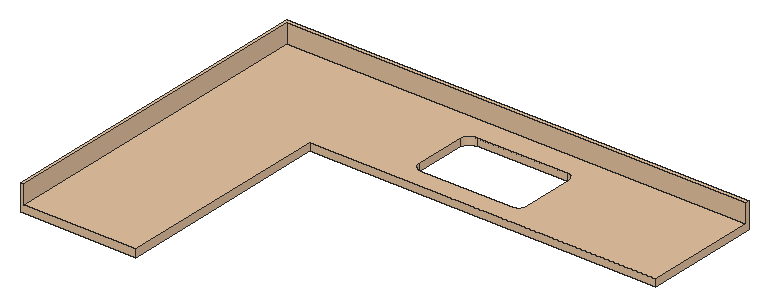
Revit family "M_Topo da bancada-Forma L com buraco de escoamento", category Componentes de gabinete, Revit 2019
Family settings
  Número OmniClass = 23.40.35.17.47.11
  Título OmniClass = Kitchen Casework
  ID de item do Seek = Counter Top-L Shaped w Sink Hole-0000-CAN-ENU
  Com base no plano de trabalho = Não
  Sempre na vertical = Sim
  Corte com vazios quando carregada = Não
  Compartilhado = Sim
  Ponto de cálculo do ambiente = Não
Parameters (values of type "Profundidade 600 mm")
  Espessura da bancada = 40 mm
  Material do topo da bancada = none
  Linear = 625 mm
  Altura = 900 mm
  Comprimento - Perna 1 [instance] = 2500 mm
  Comprimento- Perna 2 [instance] = 1800 mm
  Localização da pia [instance] = 1100 mm
  Localização da pia em relação a parede [instance] = 150 mm
  Profundidade de abertura da pia [instance] = 378 mm
  Largura da abertura da pia [instance] = 587 mm
Reference planes
  plane 1 "Parte posterior": y = 0
  plane 2: z = 0
  plane 3 "Esquerda": x = -1200.462
  plane 4 "Direita": x = 1299.538
  plane 5 "Parte frontal": y = -625
  plane 6 "Superior": z = 900
  plane 7 "Topo do armário": z = 860
  plane 8: y = -19.05
  plane 9: z = 1001.6
  plane 10: x = -575.462
  plane 11: y = -1800
  plane 12: x = -1181.412
  plane 13: x = -100.462
  plane 14: x = 486.538
  plane 15: y = -150
  plane 16: y = -528
Forms (mm)
  Extrusion 1, solid, material <- "Material do topo da bancada"
    sketch origin (0, 0, 0) x (1, 0, 0) y (0, 1, 0)
      loop
        line (-1200.462, 0) -> (-1200.462, -1800) -> (-575.462, -1800) -> (-575.462, -625) -> (1299.538, -625) -> (1299.538, 0) -> (-1200.462, 0)
      loop
        arc (-50.462, -150) -> (-85.818, -164.645) -> (-100.462, -200) r 50
        line (-100.462, -200) -> (-100.462, -478)
        arc (-100.462, -478) -> (-85.818, -513.355) -> (-50.462, -528) r 50
        line (-50.462, -528) -> (436.538, -528)
        arc (436.538, -528) -> (471.893, -513.355) -> (486.538, -478) r 50
        line (486.538, -478) -> (486.538, -200)
        arc (486.538, -200) -> (471.893, -164.645) -> (436.538, -150) r 50
        line (436.538, -150) -> (-50.462, -150)
    from 860 to 900
  Extrusion 2, solid, material <- "Material do topo da bancada"
    sketch origin (0, 0, 0) x (1, 0, 0) y (0, 1, 0)
      loop
        line (1299.538, 0) -> (-1200.462, 0) -> (-1200.462, -19.05) -> (1299.538, -19.05) -> (1299.538, 0)
    from 900 to 1001.6
  Extrusion 3, solid, material <- "Material do topo da bancada"
    sketch origin (0, 0, 0) x (1, 0, 0) y (0, 1, 0)
      loop
        line (-1200.462, -19.05) -> (-1200.462, -1800) -> (-1181.412, -1800) -> (-1181.412, -19.05) -> (-1200.462, -19.05)
    from 900 to 1001.6
Cuts and joins
  joined: Extrusion 1, Extrusion 2, Extrusion 3
Lines and regions (mm)
  Masking region 1
    outline origin (0, 0, 860) x (0, -1, 0) y (1, 0, 0)
      loop
        line (0, -1200.462) -> (1800, -1200.462) -> (1800, -575.462) -> (625, -575.462) -> (625, 1299.538) -> (0, 1299.538) -> (0, -1200.462)
  symbolic lines, style "Topo da bancada"
    curve 1: line (-1181.412, -19.05, 860) -> (1299.538, -19.05, 860)
    curve 2: line (-1181.412, -1800, 860) -> (-1181.412, -19.05, 860)
  symbolic lines, style "Abertura da pia"
    curve 3: line (-50.462, -150, 860) -> (436.538, -150, 860)
    curve 4: line (486.538, -200, 860) -> (486.538, -478, 860)
    curve 5: line (436.538, -528, 860) -> (-50.462, -528, 860)
    curve 6: line (-100.462, -478, 860) -> (-100.462, -200, 860)
    curve 7: arc (-100.462, -200, 860) -> (-85.818, -164.645, 860) -> (-50.462, -150, 860) r 50
    curve 8: arc (436.538, -150, 860) -> (471.893, -164.645, 860) -> (486.538, -200, 860) r 50
    curve 9: arc (486.538, -478, 860) -> (471.893, -513.355, 860) -> (436.538, -528, 860) r 50
    curve 10: arc (-50.462, -528, 860) -> (-85.818, -513.355, 860) -> (-100.462, -478, 860) r 50
Dimensions and locks
  "Linear": plane 5 "Parte frontal" to plane 1 "Parte posterior"
  "Comprimento - Perna 1": plane 3 "Esquerda" to plane 4 "Direita"
  "Altura": level to plane 6 "Superior"
  "Espessura da bancada": plane 7 "Topo do armário" to plane 6 "Superior"
  locked: plane 8 to plane 1 "Parte posterior" at 19.05
  plane 6 "Superior" to plane 9 = 101.6 mm
  "Linear": plane 3 "Esquerda" to plane 10
  "Comprimento- Perna 2": plane 11 to plane 1 "Parte posterior"
  locked: plane 3 "Esquerda" to plane 12 at 19.05
  "Localização da pia": plane 3 "Esquerda" to plane 13
  "Largura da abertura da pia": plane 13 to plane 14
  "Localização da pia em relação a parede": plane 15 to plane 1 "Parte posterior"
  "Profundidade de abertura da pia": plane 16 to plane 15
  aligned and locked: plane 1 "Parte posterior" to Extrusion 1 sketch curve
  aligned and locked: plane 4 "Direita" to Extrusion 1 sketch curve
  aligned and locked: Extrusion 1 sketch curve to plane 5 "Parte frontal"
  aligned and locked: Extrusion 1 sketch curve to plane 3 "Esquerda"
  aligned and locked: plane 6 "Superior" to Extrusion 1
  aligned and locked: plane 7 "Topo do armário" to Extrusion 1
  aligned and locked: Extrusion 2 sketch curve to plane 1 "Parte posterior"
  aligned and locked: plane 8 to Extrusion 2 sketch curve
  aligned and locked: Extrusion 2 sketch curve to plane 4 "Direita"
  aligned and locked: plane 3 "Esquerda" to Extrusion 2 sketch curve
  aligned and locked: Extrusion 2 to plane 9
  aligned and locked: Extrusion 2 to plane 6 "Superior"
  aligned and locked: plane 10 to Extrusion 1 sketch curve
  aligned and locked: plane 11 to Extrusion 1 sketch curve
  aligned and locked: plane 12 to Extrusion 3 sketch curve
  aligned and locked: Extrusion 3 to plane 8
  aligned and locked: plane 3 "Esquerda" to Extrusion 3
  aligned and locked: Extrusion 3 to plane 9
  aligned and locked: Extrusion 3 to plane 6 "Superior"
  aligned and locked: plane 14 to Extrusion 1 sketch curve
  aligned and locked: Extrusion 1 sketch curve to plane 13
  aligned and locked: plane 15 to Extrusion 1 sketch curve
  aligned and locked: Extrusion 1 sketch curve to plane 16
  aligned and locked: plane 1 "Parte posterior" to Masking region 1 sketch curve
  aligned and locked: Masking region 1 sketch curve to plane 3 "Esquerda"
  aligned and locked: plane 4 "Direita" to Masking region 1 sketch curve  (x2)
  aligned and locked: plane 5 "Parte frontal" to Masking region 1 sketch curve
  aligned and locked: plane 11 to Masking region 1 sketch curve
  aligned and locked: Masking region 1 sketch curve to plane 10
Automatic sketch dimensions
  plane 3 "Esquerda" to Extrusion 3 sketch curve = 0 mm
  plane 11 to Extrusion 3 sketch curve = 0 mm
  plane 1 "Parte posterior" to Extrusion 3 sketch curve = 19.05 mm
  Extrusion 1 sketch curve to plane 13 = 50 mm  (x2)
  Extrusion 1 sketch curve to Extrusion 1 sketch curve = 50 mm
  plane 14 to Extrusion 1 sketch curve = 50 mm
  curve 1 to plane 4 "Direita" = 0 mm
  curve 1 to plane 8 = 0 mm
  curve 2 to plane 11 = 0 mm
  curve 1 to plane 3 "Esquerda" = 19.05 mm
  plane 8 to curve 3 = 130.95 mm
  curve 3 to curve 8 = 50 mm
  curve 3 to curve 7 = 50 mm
  curve 6 to plane 5 "Parte frontal" = 147 mm
  curve 10 to curve 5 = 50 mm
  curve 7 to plane 10 = 475 mm
  curve 3 to curve 3 = 487 mm
  curve 5 to curve 3 = 0 mm
